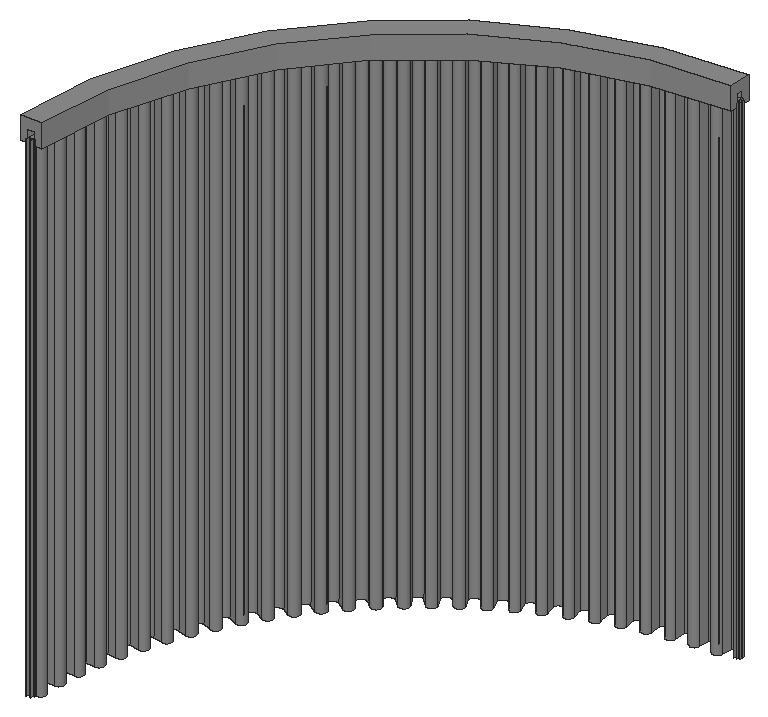
Revit family "Haworth_Pergola_Drapery_Radial", category Furniture Systems, Revit 2018 (continued)
Automatic sketch dimensions
  Sweep 4 sketch curve to Sweep 4 sketch curve = 0.02054"  (x2)
  Sweep 4 sketch curve to Sweep 4 sketch curve = 1.56125"
  profile plane to Sweep 4 sketch curve = 39.74446"
  Sweep 4 sketch curve to Sweep 4 sketch curve = 0.60607"
  Sweep 4 sketch curve to Sweep 4 sketch curve = 0.41943"
  profile plane to Sweep 4 sketch curve = 43.87069"
  Sweep 4 sketch curve to Sweep 4 sketch curve = 0.47887"
  Sweep 4 sketch curve to Sweep 4 sketch curve = 0.01623"  (x2)
  Sweep 4 sketch curve to Sweep 4 sketch curve = 0.58553"
  Sweep 4 sketch curve to Sweep 4 sketch curve = 1.33047"
  Sweep 4 sketch curve to Sweep 4 sketch curve = 0.02183"  (x2)
  Sweep 4 sketch curve to Sweep 4 sketch curve = 1.5123"
  Sweep 4 sketch curve to Sweep 4 sketch curve = 0.46264"
  Sweep 4 sketch curve to Sweep 4 sketch curve = 0.6439"
  Sweep 4 sketch curve to Sweep 4 sketch curve = 0.5221"
  Sweep 4 sketch curve to Sweep 4 sketch curve = 0.0177"  (x2)
  Sweep 4 sketch curve to Sweep 4 sketch curve = 0.62207"
  profile plane to Sweep 4 sketch curve = 44.39883"
  Sweep 4 sketch curve to Sweep 4 sketch curve = 1.42415"
  Sweep 4 sketch curve to Sweep 4 sketch curve = 1.45861"
  Sweep 4 sketch curve to Sweep 4 sketch curve = 0.02304"  (x2)
  Sweep 4 sketch curve to Sweep 4 sketch curve = 0.5044"
  Sweep 4 sketch curve to Sweep 4 sketch curve = 0.67973"
  Sweep 4 sketch curve to Sweep 4 sketch curve = 0.65668"
  Sweep 4 sketch curve to Sweep 4 sketch curve = 0.5637"
  Sweep 4 sketch curve to Sweep 4 sketch curve = 0.01911"  (x2)
  Sweep 4 sketch curve to Sweep 4 sketch curve = 1.40038"
  Sweep 4 sketch curve to Sweep 4 sketch curve = 1.51336"
  Sweep 4 sketch curve to Sweep 4 sketch curve = 0.02418"  (x2)
  Sweep 4 sketch curve to Sweep 4 sketch curve = 0.54459"
  Sweep 4 sketch curve to Sweep 4 sketch curve = 0.71343"
  Sweep 4 sketch curve to Sweep 4 sketch curve = 0.68924"
  Sweep 4 sketch curve to Sweep 4 sketch curve = 0.60354"
  Sweep 4 sketch curve to Sweep 4 sketch curve = 0.02046"  (x2)
  Sweep 4 sketch curve to Sweep 4 sketch curve = 1.33779"
  Sweep 4 sketch curve to Sweep 4 sketch curve = 1.59788"
  Sweep 4 sketch curve to Sweep 4 sketch curve = 0.02525"  (x2)
  Sweep 4 sketch curve to Sweep 4 sketch curve = 0.58308"
  Sweep 4 sketch curve to Sweep 4 sketch curve = 0.74491"
  Sweep 4 sketch curve to Sweep 4 sketch curve = 0.71966"
  Sweep 4 sketch curve to Sweep 4 sketch curve = 0.64149"
  Sweep 4 sketch curve to Sweep 4 sketch curve = 0.02175"  (x2)
  Sweep 4 sketch curve to Sweep 4 sketch curve = 1.27102"
  Sweep 4 sketch curve to Sweep 4 sketch curve = 1.6774"
  Sweep 4 sketch curve to Sweep 4 sketch curve = 0.02624"  (x2)
  Sweep 4 sketch curve to Sweep 4 sketch curve = 0.61975"
  Sweep 4 sketch curve to Sweep 4 sketch curve = 0.77406"
  Sweep 4 sketch curve to Sweep 4 sketch curve = 0.74782"
  Sweep 4 sketch curve to Sweep 4 sketch curve = 0.67745"
  Sweep 4 sketch curve to Sweep 4 sketch curve = 0.02296"  (x2)
  Sweep 4 sketch curve to Sweep 4 sketch curve = 1.2003"
  Sweep 4 sketch curve to Sweep 4 sketch curve = 1.75169"
  Sweep 4 sketch curve to Sweep 4 sketch curve = 0.02715"  (x2)
  Sweep 4 sketch curve to Sweep 4 sketch curve = 0.65449"
  Sweep 4 sketch curve to Sweep 4 sketch curve = 0.8008"
  Sweep 4 sketch curve to Sweep 4 sketch curve = 0.77366"
  Sweep 4 sketch curve to Sweep 4 sketch curve = 0.7113"
  Sweep 4 sketch curve to Sweep 4 sketch curve = 0.02411"  (x2)
  Sweep 4 sketch curve to Sweep 4 sketch curve = 1.12584"
  Sweep 4 sketch curve to Sweep 4 sketch curve = 0.68719"
  Sweep 4 sketch curve to Sweep 4 sketch curve = 0.00752"
  Sweep 4 sketch curve to Sweep 4 sketch curve = 0.02797"  (x2)
  Sweep 4 sketch curve to Sweep 4 sketch curve = 0.79708"
  Sweep 4 sketch curve to Sweep 4 sketch curve = 0.82505"
  Sweep 4 sketch curve to Sweep 4 sketch curve = 0.74292"
  Sweep 4 sketch curve to Sweep 4 sketch curve = 0.02518"  (x2)
  Sweep 4 sketch curve to Sweep 4 sketch curve = 1.04785"
  Sweep 4 sketch curve to Sweep 4 sketch curve = 0.71774"
  Sweep 4 sketch curve to Sweep 4 sketch curve = 0.11811"
  Sweep 4 sketch curve to Sweep 4 sketch curve = 0.0287"  (x2)
  Sweep 4 sketch curve to Sweep 4 sketch curve = 0.81802"
  Sweep 4 sketch curve to Sweep 4 sketch curve = 0.84672"
  Sweep 4 sketch curve to Sweep 4 sketch curve = 0.77223"
  Sweep 4 sketch curve to Sweep 4 sketch curve = 0.02618"  (x2)
  Sweep 4 sketch curve to Sweep 4 sketch curve = 0.96661"
  Sweep 4 sketch curve to Sweep 4 sketch curve = 0.74606"
  Sweep 4 sketch curve to Sweep 4 sketch curve = 0.22832"
  Sweep 4 sketch curve to Sweep 4 sketch curve = 0.02935"  (x2)
  Sweep 4 sketch curve to Sweep 4 sketch curve = 0.8364"
  Sweep 4 sketch curve to Sweep 4 sketch curve = 0.86575"
  Sweep 4 sketch curve to Sweep 4 sketch curve = 0.79914"
  Sweep 4 sketch curve to Sweep 4 sketch curve = 0.02709"  (x2)
  Sweep 4 sketch curve to Sweep 4 sketch curve = 0.88234"
  Sweep 4 sketch curve to Sweep 4 sketch curve = 0.77205"
  Sweep 4 sketch curve to Sweep 4 sketch curve = 0.33783"
  Sweep 4 sketch curve to Sweep 4 sketch curve = 0.0299"  (x2)
  Sweep 4 sketch curve to Sweep 4 sketch curve = 0.85218"
  Sweep 4 sketch curve to Sweep 4 sketch curve = 0.88208"
  Sweep 4 sketch curve to Sweep 4 sketch curve = 0.82355"
  Sweep 4 sketch curve to Sweep 4 sketch curve = 0.02792"  (x2)
  Sweep 4 sketch curve to Sweep 4 sketch curve = 0.79532"
  Sweep 4 sketch curve to Sweep 4 sketch curve = 0.79563"
  Sweep 4 sketch curve to Sweep 4 sketch curve = 0.44473"
  Sweep 4 sketch curve to Sweep 4 sketch curve = 0.03036"  (x2)
  Sweep 4 sketch curve to Sweep 4 sketch curve = 0.8653"
  Sweep 4 sketch curve to Sweep 4 sketch curve = 0.89512"
  Sweep 4 sketch curve to Sweep 4 sketch curve = 0.84487"
  Sweep 4 sketch curve to Sweep 4 sketch curve = 0.02866"  (x2)
  Sweep 4 sketch curve to Sweep 4 sketch curve = 0.71396"
  Sweep 4 sketch curve to Sweep 4 sketch curve = 0.81528"
  Sweep 4 sketch curve to Sweep 4 sketch curve = 0.54728"
  Sweep 4 sketch curve to Sweep 4 sketch curve = 0.03073"  (x2)
  Sweep 4 sketch curve to Sweep 4 sketch curve = 0.87417"
  Sweep 4 sketch curve to Sweep 4 sketch curve = 0.90554"
  Sweep 4 sketch curve to Sweep 4 sketch curve = 0.86372"
  Sweep 4 sketch curve to Sweep 4 sketch curve = 0.02931"  (x2)
  Sweep 4 sketch curve to Sweep 4 sketch curve = 0.61955"
  Sweep 4 sketch curve to Sweep 4 sketch curve = 0.83477"
  Sweep 4 sketch curve to Sweep 4 sketch curve = 0.65728"
  Sweep 4 sketch curve to Sweep 4 sketch curve = 0.031"  (x2)
  Sweep 4 sketch curve to Sweep 4 sketch curve = 0.88287"
  Sweep 4 sketch curve to Sweep 4 sketch curve = 0.91426"
  Sweep 4 sketch curve to Sweep 4 sketch curve = 0.88095"
  Sweep 4 sketch curve to Sweep 4 sketch curve = 0.02987"  (x2)
  Sweep 4 sketch curve to Sweep 4 sketch curve = 0.52323"
  Sweep 4 sketch curve to Sweep 4 sketch curve = 0.85042"
  Sweep 4 sketch curve to Sweep 4 sketch curve = 0.75979"
  Sweep 4 sketch curve to Sweep 4 sketch curve = 0.03117"  (x2)
  Sweep 4 sketch curve to Sweep 4 sketch curve = 0.88751"
  Sweep 4 sketch curve to Sweep 4 sketch curve = 0.91858"
  Sweep 4 sketch curve to Sweep 4 sketch curve = 0.89395"
  Sweep 4 sketch curve to Sweep 4 sketch curve = 0.03033"  (x2)
  Sweep 4 sketch curve to Sweep 4 sketch curve = 0.42954"
  Sweep 4 sketch curve to Sweep 4 sketch curve = 0.86379"
  Sweep 4 sketch curve to Sweep 4 sketch curve = 0.86189"
  Sweep 4 sketch curve to Sweep 4 sketch curve = 0.88975"
  Sweep 4 sketch curve to Sweep 4 sketch curve = 1/32"  (x3)
  Sweep 4 sketch curve to Sweep 4 sketch curve = 0.92124"
  Sweep 4 sketch curve to Sweep 4 sketch curve = 0.90532"
  Sweep 4 sketch curve to Sweep 4 sketch curve = 0.03071"  (x2)
  Sweep 4 sketch curve to Sweep 4 sketch curve = 0.33093"
  Sweep 4 sketch curve to Sweep 4 sketch curve = 0.87448"
  Sweep 4 sketch curve to Sweep 4 sketch curve = 0.88924"
  Sweep 4 sketch curve to Sweep 4 sketch curve = 0.03122"  (x2)
  Sweep 4 sketch curve to Sweep 4 sketch curve = 0.07191"
  Sweep 4 sketch curve to Sweep 4 sketch curve = 0.92003"
  Sweep 4 sketch curve to Sweep 4 sketch curve = 0.91288"
  Sweep 4 sketch curve to Sweep 4 sketch curve = 0.03098"  (x2)
  Sweep 4 sketch curve to Sweep 4 sketch curve = 0.23342"
  Sweep 4 sketch curve to Sweep 4 sketch curve = 0.88244"
  Sweep 4 sketch curve to plane 1 "Center F/B" = 0.37767"
  Sweep 4 sketch curve to Sweep 4 sketch curve = 1.21379"
  Sweep 4 sketch curve to Sweep 4 sketch curve = 0.02236"  (x2)
  Sweep 4 sketch curve to Sweep 4 sketch curve = 1.65336"
  Sweep 4 sketch curve to Sweep 4 sketch curve = 0.02576"
  Sweep 4 sketch curve to Sweep 4 sketch curve = 0.65973"
  Sweep 4 sketch curve to Sweep 4 sketch curve = 0.73403"
  Sweep 4 sketch curve to Sweep 4 sketch curve = 1.30491"
  Sweep 4 sketch curve to Sweep 4 sketch curve = 0.02111"
  Sweep 4 sketch curve to Sweep 4 sketch curve = 1.57495"
  Sweep 4 sketch curve to Sweep 4 sketch curve = 0.02473"
  Sweep 4 sketch curve to Sweep 4 sketch curve = 0.62276"
  Sweep 4 sketch curve to Sweep 4 sketch curve = 0.70472"
  Sweep 4 sketch curve to Sweep 4 sketch curve = 1.36962"
  Sweep 4 sketch curve to Sweep 4 sketch curve = 0.01979"
  Sweep 4 sketch curve to Sweep 4 sketch curve = 1.49166"
  Sweep 4 sketch curve to Sweep 4 sketch curve = 0.02362"
  Sweep 4 sketch curve to Sweep 4 sketch curve = 0.58384"
  Sweep 4 sketch curve to Sweep 4 sketch curve = 0.67323"
  Sweep 4 sketch curve to Sweep 4 sketch curve = 1.40372"
  Sweep 4 sketch curve to Sweep 4 sketch curve = 1.43006"
  Sweep 4 sketch curve to Sweep 4 sketch curve = 0.02244"
  Sweep 4 sketch curve to Sweep 4 sketch curve = 0.01841"
  Sweep 4 sketch curve to Sweep 4 sketch curve = 0.54311"
  Sweep 4 sketch curve to Sweep 4 sketch curve = 0.63963"
  Sweep 4 sketch curve to Sweep 4 sketch curve = 1.31138"
  Sweep 4 sketch curve to Sweep 4 sketch curve = 0.02119"
  Sweep 4 sketch curve to Sweep 4 sketch curve = 1.48603"
  Sweep 4 sketch curve to Sweep 4 sketch curve = 0.01697"
  Sweep 4 sketch curve to Sweep 4 sketch curve = 0.60404"
  Sweep 4 sketch curve to Sweep 4 sketch curve = 0.50068"
  Sweep 4 sketch curve to Sweep 4 sketch curve = 1.21497"
  Sweep 4 sketch curve to Sweep 4 sketch curve = 0.01988"
  Sweep 4 sketch curve to Sweep 4 sketch curve = 1.53738"
  Sweep 4 sketch curve to Sweep 4 sketch curve = 0.01548"
  Sweep 4 sketch curve to Sweep 4 sketch curve = 0.56656"
  Sweep 4 sketch curve to Sweep 4 sketch curve = 0.45669"
  Sweep 4 sketch curve to Sweep 4 sketch curve = 1.11476"
  Sweep 4 sketch curve to Sweep 4 sketch curve = 0.0185"
  Sweep 4 sketch curve to Sweep 4 sketch curve = 1.58391"
  Sweep 4 sketch curve to Sweep 4 sketch curve = 0.01394"
  Sweep 4 sketch curve to Sweep 4 sketch curve = 0.52732"
  Sweep 4 sketch curve to Sweep 4 sketch curve = 0.41128"
  Sweep 4 sketch curve to Sweep 4 sketch curve = 1.01106"
  Sweep 4 sketch curve to Sweep 4 sketch curve = 0.01707"
  Sweep 4 sketch curve to Sweep 4 sketch curve = 0.48643"
  Sweep 4 sketch curve to Sweep 4 sketch curve = 1.62551"
  Sweep 4 sketch curve to Sweep 4 sketch curve = 0.01236"
  Sweep 4 sketch curve to Sweep 4 sketch curve = 0.36458"
  Sweep 4 sketch curve to Sweep 4 sketch curve = 0.90425"
  Sweep 4 sketch curve to Sweep 4 sketch curve = 0.01558"
  Sweep 4 sketch curve to Sweep 4 sketch curve = 0.44402"
  Sweep 4 sketch curve to Sweep 4 sketch curve = 1.66207"
  Sweep 4 sketch curve to Sweep 4 sketch curve = 0.01074"
  Sweep 4 sketch curve to Sweep 4 sketch curve = 0.31675"
  Sweep 4 sketch curve to Sweep 4 sketch curve = 0.79458"
  Sweep 4 sketch curve to Sweep 4 sketch curve = 0.01404"
  Sweep 4 sketch curve to Sweep 4 sketch curve = 0.40023"
  Sweep 4 sketch curve to Sweep 4 sketch curve = 1.6934"
  Sweep 4 sketch curve to Sweep 4 sketch curve = 0.00908"
  Sweep 4 sketch curve to Sweep 4 sketch curve = 0.26792"
  Sweep 4 sketch curve to Sweep 4 sketch curve = 0.66972"
  Sweep 4 sketch curve to Sweep 4 sketch curve = 0.01246"
  Sweep 4 sketch curve to Sweep 4 sketch curve = 0.35457"
  Sweep 4 sketch curve to Sweep 4 sketch curve = 1.7258"
  Sweep 4 sketch curve to Sweep 4 sketch curve = 0.0074"
  Sweep 4 sketch curve to Sweep 4 sketch curve = 0.57731"
  Sweep 4 sketch curve to Sweep 4 sketch curve = 0.01084"
  Sweep 4 sketch curve to Sweep 4 sketch curve = 0.21814"
  Sweep 4 sketch curve to Sweep 4 sketch curve = 0.30886"
  Sweep 4 sketch curve to Sweep 4 sketch curve = 0.44984"
  Sweep 4 sketch curve to Sweep 4 sketch curve = 0.00919"
  Sweep 4 sketch curve to Sweep 4 sketch curve = 0.2617"
  Sweep 4 sketch curve to Sweep 4 sketch curve = 1.76445"
  Sweep 4 sketch curve to Sweep 4 sketch curve = 0.00569"
  Sweep 4 sketch curve to Sweep 4 sketch curve = 0.16776"
  Sweep 4 sketch curve to Sweep 4 sketch curve = 0.33562"
  Sweep 4 sketch curve to Sweep 4 sketch curve = 0.00751"
  Sweep 4 sketch curve to Sweep 4 sketch curve = 0.21384"
  Sweep 4 sketch curve to Sweep 4 sketch curve = 0.21722"
  Sweep 4 sketch curve to Sweep 4 sketch curve = 0.0058"
  Sweep 4 sketch curve to Sweep 4 sketch curve = 0.12826"
  Sweep 4 sketch curve to Sweep 4 sketch curve = 1.76204"
  Sweep 4 sketch curve to Sweep 4 sketch curve = 0.00397"
  Sweep 4 sketch curve to Sweep 4 sketch curve = 0.09827"
  Sweep 4 sketch curve to Sweep 4 sketch curve = 0.11705"
  Sweep 4 sketch curve to Sweep 4 sketch curve = 1.78366"
  Sweep 4 sketch curve to Sweep 4 sketch curve = 0.00223"
  Sweep 4 sketch curve to Sweep 4 sketch curve = 0.06577"
  Sweep 4 sketch curve to Sweep 4 sketch curve = 1.78236"
  Sweep 4 sketch curve to Sweep 4 sketch curve = 0.00049"
  Sweep 4 sketch curve to Sweep 4 sketch curve = 0.0144"
  Sweep 4 sketch curve to Sweep 4 sketch curve = 1.65174"
  Sweep 4 sketch curve to Sweep 4 sketch curve = 0.03702"
  Sweep 4 sketch curve to Sweep 4 sketch curve = 0.00126"
  Sweep 4 sketch curve to Sweep 4 sketch curve = 1.59992"
  Sweep 4 sketch curve to Sweep 4 sketch curve = 0.0267"
  Sweep 4 sketch curve to Sweep 4 sketch curve = 0.63737"
  Sweep 4 sketch curve to Sweep 4 sketch curve = 1.16352"
  Sweep 4 sketch curve to Sweep 4 sketch curve = 0.02355"
  Sweep 4 sketch curve to Sweep 4 sketch curve = 0.02757"
  Sweep 4 sketch curve to Sweep 4 sketch curve = 1.08727"
  Sweep 4 sketch curve to Sweep 4 sketch curve = 0.02466"
  Sweep 4 sketch curve to Sweep 4 sketch curve = 0.74502"
  Sweep 4 sketch curve to Sweep 4 sketch curve = 0.02835"
  Sweep 4 sketch curve to Sweep 4 sketch curve = 1.00762"
  Sweep 4 sketch curve to Sweep 4 sketch curve = 0.02569"
  Sweep 4 sketch curve to Sweep 4 sketch curve = 0.02904"
  Masking region 1 sketch curve to Masking region 1 sketch curve = 0"  (x2)
  plane 1 "Center F/B" to Masking region 1 sketch curve = 0"
  Masking region 1 sketch curve to plane 39 = 0"
  Masking region 1 sketch curve to plane 3 "Center L/R" = 0"
  plane 6 "End Left Slat" to Masking region 1 sketch curve = 1.01577"
  Sweep 5 sketch curve to plane 3 "Center L/R" = 0"
  Sweep 5 sketch curve to plane 5 "Base Top" = 0"
  Sweep 5 sketch curve to plane 4 "Top" = 1/2"
  Sweep 5 sketch curve to Sweep 5 sketch curve = 0"  (x84)
  Sweep 5 sketch curve to Sweep 5 sketch curve = 0.02418"
  Sweep 5 sketch curve to Sweep 5 sketch curve = 0.71343"
  Sweep 5 sketch curve to Sweep 5 sketch curve = 0.60354"
  Sweep 5 sketch curve to Sweep 5 sketch curve = 0.02046"  (x2)
  Sweep 5 sketch curve to Sweep 5 sketch curve = 1.33779"
  Sweep 5 sketch curve to Sweep 5 sketch curve = 1.59788"
  Sweep 5 sketch curve to Sweep 5 sketch curve = 0.02525"  (x2)
  Sweep 5 sketch curve to Sweep 5 sketch curve = 0.58308"
  Sweep 5 sketch curve to Sweep 5 sketch curve = 0.74491"
  Sweep 5 sketch curve to Sweep 5 sketch curve = 0.71966"
  Sweep 5 sketch curve to Sweep 5 sketch curve = 0.64149"
  Sweep 5 sketch curve to Sweep 5 sketch curve = 0.02175"  (x2)
  Sweep 5 sketch curve to Sweep 5 sketch curve = 1.27102"
  Sweep 5 sketch curve to Sweep 5 sketch curve = 1.6774"
  Sweep 5 sketch curve to Sweep 5 sketch curve = 0.02624"  (x2)
  Sweep 5 sketch curve to Sweep 5 sketch curve = 0.61975"
  Sweep 5 sketch curve to Sweep 5 sketch curve = 0.77406"
  Sweep 5 sketch curve to Sweep 5 sketch curve = 0.74782"
  Sweep 5 sketch curve to Sweep 5 sketch curve = 0.67745"
  Sweep 5 sketch curve to Sweep 5 sketch curve = 0.02296"  (x2)
  Sweep 5 sketch curve to Sweep 5 sketch curve = 1.2003"
  Sweep 5 sketch curve to Sweep 5 sketch curve = 1.75169"
  Sweep 5 sketch curve to Sweep 5 sketch curve = 0.02715"  (x2)
  Sweep 5 sketch curve to Sweep 5 sketch curve = 0.65449"
  Sweep 5 sketch curve to Sweep 5 sketch curve = 0.8008"
  Sweep 5 sketch curve to Sweep 5 sketch curve = 0.77366"
  Sweep 5 sketch curve to Sweep 5 sketch curve = 0.7113"
  Sweep 5 sketch curve to Sweep 5 sketch curve = 0.02411"  (x2)
  Sweep 5 sketch curve to Sweep 5 sketch curve = 1.12584"
  Sweep 5 sketch curve to Sweep 5 sketch curve = 0.68719"
  Sweep 5 sketch curve to Sweep 5 sketch curve = 0.00752"
  Sweep 5 sketch curve to Sweep 5 sketch curve = 0.02797"  (x2)
  Sweep 5 sketch curve to Sweep 5 sketch curve = 0.79708"
  Sweep 5 sketch curve to Sweep 5 sketch curve = 0.82505"
  Sweep 5 sketch curve to Sweep 5 sketch curve = 0.74292"
  Sweep 5 sketch curve to Sweep 5 sketch curve = 0.02518"  (x2)
  Sweep 5 sketch curve to Sweep 5 sketch curve = 1.04785"
  Sweep 5 sketch curve to Sweep 5 sketch curve = 0.71774"
  Sweep 5 sketch curve to Sweep 5 sketch curve = 0.11811"
  Sweep 5 sketch curve to Sweep 5 sketch curve = 0.0287"  (x2)
  Sweep 5 sketch curve to Sweep 5 sketch curve = 0.81802"
  Sweep 5 sketch curve to Sweep 5 sketch curve = 0.84672"
  Sweep 5 sketch curve to Sweep 5 sketch curve = 0.77223"
  Sweep 5 sketch curve to Sweep 5 sketch curve = 0.02618"  (x2)
  Sweep 5 sketch curve to Sweep 5 sketch curve = 0.96661"
  Sweep 5 sketch curve to Sweep 5 sketch curve = 0.74606"
  Sweep 5 sketch curve to Sweep 5 sketch curve = 0.22832"
  Sweep 5 sketch curve to Sweep 5 sketch curve = 0.02935"  (x2)
  Sweep 5 sketch curve to Sweep 5 sketch curve = 0.8364"
  Sweep 5 sketch curve to Sweep 5 sketch curve = 0.86575"
  Sweep 5 sketch curve to Sweep 5 sketch curve = 0.79914"
  Sweep 5 sketch curve to Sweep 5 sketch curve = 0.02709"  (x2)
  Sweep 5 sketch curve to Sweep 5 sketch curve = 0.88234"
  Sweep 5 sketch curve to Sweep 5 sketch curve = 0.77205"
  Sweep 5 sketch curve to Sweep 5 sketch curve = 0.33783"
  Sweep 5 sketch curve to Sweep 5 sketch curve = 0.0299"  (x2)
  Sweep 5 sketch curve to Sweep 5 sketch curve = 0.85218"
  Sweep 5 sketch curve to Sweep 5 sketch curve = 0.88208"
  Sweep 5 sketch curve to Sweep 5 sketch curve = 0.82355"
  Sweep 5 sketch curve to Sweep 5 sketch curve = 0.02792"  (x2)
  Sweep 5 sketch curve to Sweep 5 sketch curve = 0.79532"
  Sweep 5 sketch curve to Sweep 5 sketch curve = 0.79563"
  Sweep 5 sketch curve to Sweep 5 sketch curve = 0.44473"
  Sweep 5 sketch curve to Sweep 5 sketch curve = 0.03036"  (x2)
  Sweep 5 sketch curve to Sweep 5 sketch curve = 0.8653"
  Sweep 5 sketch curve to Sweep 5 sketch curve = 0.89512"
  Sweep 5 sketch curve to Sweep 5 sketch curve = 0.84487"
  Sweep 5 sketch curve to Sweep 5 sketch curve = 0.02866"  (x2)
  Sweep 5 sketch curve to Sweep 5 sketch curve = 0.71396"
  Sweep 5 sketch curve to Sweep 5 sketch curve = 0.81528"
  Sweep 5 sketch curve to Sweep 5 sketch curve = 0.54728"
  Sweep 5 sketch curve to Sweep 5 sketch curve = 0.03073"  (x2)
  Sweep 5 sketch curve to Sweep 5 sketch curve = 0.87417"
  Sweep 5 sketch curve to Sweep 5 sketch curve = 0.90554"
  Sweep 5 sketch curve to Sweep 5 sketch curve = 0.86372"
  Sweep 5 sketch curve to Sweep 5 sketch curve = 0.02931"  (x2)
  Sweep 5 sketch curve to Sweep 5 sketch curve = 0.61955"
  Sweep 5 sketch curve to Sweep 5 sketch curve = 0.83477"
  Sweep 5 sketch curve to Sweep 5 sketch curve = 0.65728"
  Sweep 5 sketch curve to Sweep 5 sketch curve = 0.031"  (x2)
  Sweep 5 sketch curve to Sweep 5 sketch curve = 0.88287"
  Sweep 5 sketch curve to Sweep 5 sketch curve = 0.91426"
  Sweep 5 sketch curve to Sweep 5 sketch curve = 0.88095"
  Sweep 5 sketch curve to Sweep 5 sketch curve = 0.02987"  (x2)
  Sweep 5 sketch curve to Sweep 5 sketch curve = 0.52323"
  Sweep 5 sketch curve to Sweep 5 sketch curve = 0.85042"
  Sweep 5 sketch curve to Sweep 5 sketch curve = 0.75979"
  Sweep 5 sketch curve to Sweep 5 sketch curve = 0.03117"  (x2)
  Sweep 5 sketch curve to Sweep 5 sketch curve = 0.88751"
  Sweep 5 sketch curve to Sweep 5 sketch curve = 0.91858"
  Sweep 5 sketch curve to Sweep 5 sketch curve = 0.89395"
  Sweep 5 sketch curve to Sweep 5 sketch curve = 0.03033"  (x2)
  Sweep 5 sketch curve to Sweep 5 sketch curve = 0.42954"
  Sweep 5 sketch curve to Sweep 5 sketch curve = 0.86379"
  Sweep 5 sketch curve to Sweep 5 sketch curve = 0.86189"
  Sweep 5 sketch curve to Sweep 5 sketch curve = 0.88975"
  Sweep 5 sketch curve to Sweep 5 sketch curve = 1/32"  (x3)
  Sweep 5 sketch curve to Sweep 5 sketch curve = 0.92124"
  Sweep 5 sketch curve to Sweep 5 sketch curve = 0.90532"
  Sweep 5 sketch curve to Sweep 5 sketch curve = 0.03071"  (x2)
  Sweep 5 sketch curve to Sweep 5 sketch curve = 0.33093"
  Sweep 5 sketch curve to Sweep 5 sketch curve = 0.87448"
  Sweep 5 sketch curve to Sweep 5 sketch curve = 0.88924"
  Sweep 5 sketch curve to Sweep 5 sketch curve = 0.03122"  (x2)
  Sweep 5 sketch curve to Sweep 5 sketch curve = 0.07191"
  Sweep 5 sketch curve to Sweep 5 sketch curve = 0.92003"
  Sweep 5 sketch curve to Sweep 5 sketch curve = 0.91288"
  Sweep 5 sketch curve to Sweep 5 sketch curve = 0.03098"  (x2)
  Sweep 5 sketch curve to Sweep 5 sketch curve = 0.23342"
  Sweep 5 sketch curve to Sweep 5 sketch curve = 0.88244"
  Sweep 5 sketch curve to profile plane = 0.37767"
  Sweep 5 sketch curve to Sweep 5 sketch curve = 0.01979"
  Sweep 5 sketch curve to Sweep 5 sketch curve = 0.12204"
  Sweep 5 sketch curve to Sweep 5 sketch curve = 0.02362"
  Sweep 5 sketch curve to Sweep 5 sketch curve = 0.58384"
  Sweep 5 sketch curve to Sweep 5 sketch curve = 0.67323"
  Sweep 5 sketch curve to Sweep 5 sketch curve = 1.40372"
  Sweep 5 sketch curve to Sweep 5 sketch curve = 1.43006"
  Sweep 5 sketch curve to Sweep 5 sketch curve = 0.02244"
  Sweep 5 sketch curve to Sweep 5 sketch curve = 0.01841"
  Sweep 5 sketch curve to Sweep 5 sketch curve = 0.54311"
  Sweep 5 sketch curve to Sweep 5 sketch curve = 0.63963"
  Sweep 5 sketch curve to Sweep 5 sketch curve = 1.31138"
  Sweep 5 sketch curve to Sweep 5 sketch curve = 0.02119"
  Sweep 5 sketch curve to Sweep 5 sketch curve = 1.48603"
  Sweep 5 sketch curve to Sweep 5 sketch curve = 0.01697"
  Sweep 5 sketch curve to Sweep 5 sketch curve = 0.60404"
  Sweep 5 sketch curve to Sweep 5 sketch curve = 0.50068"
  Sweep 5 sketch curve to Sweep 5 sketch curve = 1.21497"
  Sweep 5 sketch curve to Sweep 5 sketch curve = 0.01988"
  Sweep 5 sketch curve to Sweep 5 sketch curve = 1.53738"
  Sweep 5 sketch curve to Sweep 5 sketch curve = 0.01548"
  Sweep 5 sketch curve to Sweep 5 sketch curve = 0.56656"
  Sweep 5 sketch curve to Sweep 5 sketch curve = 0.45669"
  Sweep 5 sketch curve to Sweep 5 sketch curve = 1.11476"
  Sweep 5 sketch curve to Sweep 5 sketch curve = 0.0185"
  Sweep 5 sketch curve to Sweep 5 sketch curve = 1.58391"
  Sweep 5 sketch curve to Sweep 5 sketch curve = 0.01394"
  Sweep 5 sketch curve to Sweep 5 sketch curve = 0.52732"
  Sweep 5 sketch curve to Sweep 5 sketch curve = 0.41128"
  Sweep 5 sketch curve to Sweep 5 sketch curve = 1.01106"
  Sweep 5 sketch curve to Sweep 5 sketch curve = 0.01707"
  Sweep 5 sketch curve to Sweep 5 sketch curve = 0.48643"
  Sweep 5 sketch curve to Sweep 5 sketch curve = 1.62551"
  Sweep 5 sketch curve to Sweep 5 sketch curve = 0.01236"
  Sweep 5 sketch curve to Sweep 5 sketch curve = 0.36458"
  Sweep 5 sketch curve to Sweep 5 sketch curve = 0.90425"
  Sweep 5 sketch curve to Sweep 5 sketch curve = 0.01558"
  Sweep 5 sketch curve to Sweep 5 sketch curve = 0.44402"
  Sweep 5 sketch curve to Sweep 5 sketch curve = 1.66207"
  Sweep 5 sketch curve to Sweep 5 sketch curve = 0.01074"
  Sweep 5 sketch curve to Sweep 5 sketch curve = 0.31675"
  Sweep 5 sketch curve to Sweep 5 sketch curve = 0.79458"
  Sweep 5 sketch curve to Sweep 5 sketch curve = 0.01404"
  Sweep 5 sketch curve to Sweep 5 sketch curve = 0.40023"
  Sweep 5 sketch curve to Sweep 5 sketch curve = 1.6934"
  Sweep 5 sketch curve to Sweep 5 sketch curve = 0.00908"
  Sweep 5 sketch curve to Sweep 5 sketch curve = 0.26792"
  Sweep 5 sketch curve to Sweep 5 sketch curve = 0.66972"
  Sweep 5 sketch curve to Sweep 5 sketch curve = 0.01246"
  Sweep 5 sketch curve to Sweep 5 sketch curve = 0.35457"
  Sweep 5 sketch curve to Sweep 5 sketch curve = 1.7258"
  Sweep 5 sketch curve to Sweep 5 sketch curve = 0.0074"
  Sweep 5 sketch curve to Sweep 5 sketch curve = 0.57731"
  Sweep 5 sketch curve to Sweep 5 sketch curve = 0.01084"
  Sweep 5 sketch curve to Sweep 5 sketch curve = 0.21814"
  Sweep 5 sketch curve to Sweep 5 sketch curve = 0.30886"
  Sweep 5 sketch curve to Sweep 5 sketch curve = 0.44984"
  Sweep 5 sketch curve to Sweep 5 sketch curve = 0.00919"
  Sweep 5 sketch curve to Sweep 5 sketch curve = 0.2617"
  Sweep 5 sketch curve to Sweep 5 sketch curve = 1.76445"
  Sweep 5 sketch curve to Sweep 5 sketch curve = 0.00569"
  Sweep 5 sketch curve to Sweep 5 sketch curve = 0.16776"
  Sweep 5 sketch curve to Sweep 5 sketch curve = 0.33562"
  Sweep 5 sketch curve to Sweep 5 sketch curve = 0.00751"
  Sweep 5 sketch curve to Sweep 5 sketch curve = 0.21384"
  Sweep 5 sketch curve to Sweep 5 sketch curve = 0.21722"
  Sweep 5 sketch curve to Sweep 5 sketch curve = 0.0058"
  Sweep 5 sketch curve to Sweep 5 sketch curve = 0.12826"
  Sweep 5 sketch curve to Sweep 5 sketch curve = 1.76204"
  Sweep 5 sketch curve to Sweep 5 sketch curve = 0.00397"
  Sweep 5 sketch curve to Sweep 5 sketch curve = 0.09827"
  Sweep 5 sketch curve to Sweep 5 sketch curve = 0.11705"
  Sweep 5 sketch curve to Sweep 5 sketch curve = 1.78366"
  Sweep 5 sketch curve to Sweep 5 sketch curve = 0.00223"
  Sweep 5 sketch curve to Sweep 5 sketch curve = 0.06577"
  Sweep 5 sketch curve to Sweep 5 sketch curve = 1.78236"
  Sweep 5 sketch curve to Sweep 5 sketch curve = 0.00049"
  Sweep 5 sketch curve to Sweep 5 sketch curve = 0.0144"
  Sweep 5 sketch curve to Sweep 5 sketch curve = 1.65174"
  Sweep 5 sketch curve to Sweep 5 sketch curve = 0.03702"
  Sweep 5 sketch curve to Sweep 5 sketch curve = 0.00126"
  Sweep 5 sketch curve to Sweep 5 sketch curve = 1.59992"
  Sweep 5 sketch curve to Sweep 5 sketch curve = 0.02221"  (x2)
  Sweep 5 sketch curve to Sweep 5 sketch curve = 1.12085"
  Sweep 5 sketch curve to Sweep 5 sketch curve = 1.34741"
  Sweep 5 sketch curve to Sweep 5 sketch curve = 0.89006"
  profile plane to Sweep 5 sketch curve = 72.94432"
  curve 3 to plane 33 = 0.94378"
  curve 5 to plane 33 = 0.86054"
  curve 4 to plane 33 = 0.82352"
  curve 7 to plane 33 = 0.69011"
  curve 8 to plane 33 = 0.51898"
  curve 9 to plane 33 = 0.50458"
  curve 11 to plane 33 = 0.22159"
  curve 12 to plane 33 = 0.00029"
  plane 33 to curve 13 = 0.06549"
  plane 33 to curve 15 = 0.48547"
  plane 33 to curve 2 = 0.7079"
  plane 33 to curve 16 = 0.75656"
  plane 33 to curve 3 = 0.82822"
  plane 33 to curve 17 = 0.87361"
  plane 33 to curve 6 = 0.88945"
  curve 6 to curve 5 = 0.03704"
  curve 6 to curve 7 = 0.17111"
  plane 33 to curve 9 = 1.27778"
  curve 9 to curve 10 = 0.0144"
  plane 33 to curve 19 = 1.39788"
  curve 10 to curve 11 = 0.22134"
  curve 19 to curve 20 = 0.31958"
  plane 6 "End Left Slat" to curve 13 = 1.14732"
  curve 20 to curve 21 = 0.16776"
  curve 13 to curve 14 = 0.06578"
  plane 6 "End Left Slat" to curve 15 = 0.81065"
  plane 6 "End Left Slat" to curve 23 = 0.45378"
  plane 6 "End Left Slat" to curve 17 = 0.36081"
  plane 6 "End Left Slat" to curve 18 = 0.24381"
  plane 6 "End Left Slat" to curve 24 = 0.08634"
  curve 19 to plane 6 "End Left Slat" = 0.07589"
  curve 25 to plane 6 "End Left Slat" = 0.13179"
  curve 21 to plane 6 "End Left Slat" = 0.6532"
  curve 22 to plane 6 "End Left Slat" = 0.82084"
  curve 27 to plane 6 "End Left Slat" = 0.90912"
  curve 22 to curve 23 = 0.36703"
  curve 27 to curve 28 = 0.41428"
  curve 28 to curve 29 = 0.26792"
  curve 25 to curve 25 = 1.7258"
  curve 25 to curve 26 = 0.21827"
  curve 29 to curve 31 = 0.88676"
  curve 26 to curve 27 = 0.41428"
  curve 31 to curve 32 = 0.4596"
  curve 32 to curve 33 = 0.31675"
  curve 29 to curve 29 = 1.6934"
  curve 29 to curve 30 = 0.26792"
  curve 30 to curve 31 = 0.4596"
  curve 33 to curve 35 = 0.99979"
  curve 35 to curve 36 = 0.5035"
  curve 33 to curve 33 = 1.66207"
  curve 36 to curve 37 = 0.36458"
  curve 33 to curve 34 = 0.31675"
  curve 34 to curve 35 = 0.5035"
  curve 37 to curve 39 = 1.10967"
  curve 37 to curve 37 = 1.62551"
  curve 39 to curve 40 = 0.54582"
  curve 37 to curve 38 = 0.36458"
  curve 40 to curve 41 = 0.41128"
  curve 38 to curve 39 = 0.54582"
  curve 41 to curve 43 = 1.21608"
  curve 41 to curve 41 = 1.58391"
  curve 43 to curve 44 = 0.58644"
  curve 41 to curve 42 = 0.41128"
  curve 44 to curve 45 = 0.45669"
  curve 42 to curve 43 = 0.58644"
  curve 47 to plane 36 = 4.10277"
  curve 45 to curve 47 = 1.31874"
  curve 45 to curve 45 = 1.53738"
  curve 47 to curve 48 = 0.62523"
  curve 45 to curve 46 = 0.45669"
  curve 49 to plane 36 = 2.65125"
  curve 48 to curve 49 = 0.50068"
  curve 46 to curve 47 = 0.62523"
  curve 51 to plane 36 = 0.92587"
  curve 49 to curve 51 = 1.41726"
  curve 49 to plane 36 = 3.61245"
  curve 49 to curve 49 = 1.48603"
  curve 49 to curve 50 = 0.50068"
  curve 52 to plane 36 = 0.28437"
  curve 51 to curve 52 = 0.66207"
  plane 36 to curve 53 = 0.46053"
  curve 51 to plane 36 = 2.19689"
  curve 50 to curve 51 = 0.66207"
  curve 53 to plane 36 = 0.58212"
  curve 53 to curve 53 = 1.43006"
  plane 36 to curve 55 = 2.10412"
  curve 53 to curve 55 = 1.51136"
  plane 36 to curve 54 = 0.16279"
  curve 53 to curve 54 = 0.54311"
  curve 55 to curve 56 = 0.69685"
  plane 36 to curve 55 = 0.76633"
  curve 56 to curve 57 = 0.58384"
  curve 58 to plane 35 = 2.11061"
  curve 113 to plane 35 = 1.73974"
  curve 58 to curve 59 = 0.72945"
  curve 60 to plane 35 = 0.7584"
  plane 35 to curve 60 = 0.54651"
  plane 35 to curve 62 = 0.92674"
  curve 60 to curve 61 = 0.62276"
  curve 62 to curve 63 = 0.75978"
  curve 61 to curve 62 = 0.75978"
  curve 63 to curve 64 = 0.65973"
  curve 64 to curve 64 = 1.23616"
  curve 64 to curve 66 = 1.76429"
  curve 64 to curve 65 = 0.65973"
  curve 66 to curve 67 = 0.78774"
  curve 65 to curve 66 = 0.78774"
  curve 67 to curve 68 = 0.69465"
  curve 68 to curve 68 = 1.16352"
  curve 68 to curve 70 = 1.83793"
  curve 68 to curve 69 = 0.69465"
  curve 70 to curve 71 = 0.81324"
  curve 69 to curve 70 = 0.81324"
  curve 71 to curve 72 = 0.72739"
  curve 72 to curve 72 = 1.08727"
  curve 72 to curve 73 = 0.72739"
  curve 73 to curve 74 = 0.09119"
  curve 73 to curve 74 = 0.83621"
  curve 74 to curve 75 = 0.83621"
  curve 76 to plane 34 = 8.28734"
  curve 75 to curve 76 = 0.75787"
  curve 76 to curve 76 = 1.00762"
  curve 76 to curve 77 = 0.75787"
  curve 77 to curve 78 = 0.20232"
  curve 78 to plane 34 = 8.87663"
  curve 77 to curve 78 = 0.85657"
  curve 78 to curve 79 = 0.85657"
  curve 80 to plane 34 = 6.40968"
  curve 79 to curve 80 = 0.78599"
  curve 80 to curve 80 = 0.92484"
  curve 80 to curve 81 = 0.78599"
  curve 82 to plane 34 = 5.46605"
  curve 81 to curve 82 = 0.31282"
  curve 82 to plane 34 = 7.14443"
  curve 81 to curve 82 = 0.87426"
  curve 82 to curve 83 = 0.87426"
  curve 84 to plane 34 = 4.73649"
  curve 83 to curve 84 = 0.81166"
  curve 84 to plane 34 = 6.29468"
  curve 84 to curve 84 = 0.83916"
  curve 84 to curve 85 = 0.81166"
  curve 86 to plane 34 = 3.90727"
  curve 85 to curve 86 = 0.42235"
  curve 86 to plane 34 = 5.61438"
  curve 85 to curve 86 = 0.88922"
  curve 86 to curve 87 = 0.88922"
  curve 88 to plane 34 = 3.27296"
  curve 87 to curve 88 = 0.83479"
  curve 88 to plane 34 = 4.87558"
  curve 88 to curve 88 = 0.75087"
  curve 88 to curve 89 = 0.83479"
  curve 90 to plane 34 = 2.56078"
  curve 89 to curve 90 = 0.53056"
  curve 90 to plane 34 = 4.29129"
  curve 89 to curve 90 = 0.90141"
  curve 90 to curve 91 = 0.90141"
  curve 92 to plane 34 = 2.02369"
  curve 91 to curve 92 = 0.85532"
  curve 92 to plane 34 = 3.66573"
  curve 92 to curve 92 = 0.66024"
  curve 92 to curve 93 = 0.85532"
  curve 94 to plane 34 = 1.43075"
  curve 93 to curve 94 = 0.63711"
  curve 94 to plane 34 = 3.17926"
  curve 93 to curve 94 = 0.91079"
  curve 94 to curve 95 = 0.91079"
  curve 96 to plane 34 = 0.99256"
  curve 95 to curve 96 = 0.87319"
  curve 96 to plane 34 = 2.66889"
  curve 96 to curve 96 = 0.56755"
  curve 96 to curve 97 = 0.87319"
  curve 98 to plane 34 = 0.52071"
  curve 97 to curve 98 = 0.74168"
  curve 98 to plane 34 = 2.28176"
  curve 97 to curve 98 = 0.91732"
  curve 99 to plane 34 = 0.42922"
  curve 98 to curve 99 = 0.91732"
  curve 100 to plane 34 = 0.18279"
  curve 100 to plane 34 = 1.66671"
  curve 99 to curve 100 = 0.43988"
  curve 100 to curve 101 = 0.92154"
  plane 34 to curve 102 = 0.1665"
  curve 101 to curve 102 = 0.84394"
  curve 102 to plane 34 = 1.60162"
  curve 101 to curve 102 = 0.921"
  plane 34 to curve 103 = 0.20664"
  curve 102 to curve 103 = 0.921"
  plane 34 to curve 104 = 0.4031"
  curve 104 to plane 34 = 1.32605"
  curve 104 to curve 104 = 0.37715"
  curve 104 to curve 105 = 0.9007"
  curve 106 to plane 34 = 1.14092"
  curve 105 to curve 106 = 0.92181"
  plane 34 to curve 106 = 0.62874"
  curve 105 to curve 106 = 0.02176"
  plane 34 to curve 107 = 0.61741"
  curve 107 to curve 107 = 0.92181"
  plane 34 to curve 108 = 0.76328"
  curve 108 to plane 34 = 0.98422"
  curve 108 to curve 108 = 0.28004"
  curve 108 to curve 109 = 0.91026"
  curve 110 to plane 34 = 0.90112"
  curve 109 to curve 110 = 0.91974"
  curve 110 to curve 110 = 0.11977"
  curve 111 to curve 111 = 0.91974"
  curve 112 to plane 3 "Center L/R" = 0.44308"
  curve 47 to curve 48 = 1.2003"
  curve 45 to curve 48 = 1.80181"
  curve 46 to curve 46 = 0.67745"
  curve 44 to curve 44 = 0.8008"
  curve 43 to curve 44 = 1.12584"
  curve 42 to curve 42 = 0.7113"
  curve 42 to curve 41 = 0.78956"
  curve 40 to curve 40 = 0.82505"
  curve 39 to curve 40 = 1.04785"
  curve 38 to curve 38 = 0.74292"
  curve 38 to curve 37 = 0.69991"
  curve 36 to curve 36 = 0.84672"
  curve 35 to curve 36 = 0.96661"
  curve 34 to curve 34 = 0.77223"
  curve 34 to curve 33 = 0.60809"
  curve 32 to curve 32 = 0.86575"
  curve 31 to curve 32 = 0.88234"
  curve 30 to curve 30 = 0.79914"
  curve 30 to curve 29 = 0.51435"
  curve 28 to curve 28 = 0.88208"
  curve 27 to curve 28 = 0.79532"
  curve 26 to curve 26 = 0.82355"
  curve 26 to curve 25 = 0.42057"
  curve 24 to curve 24 = 0.89512"
  curve 23 to curve 24 = 0.71396"
  curve 22 to curve 22 = 0.84393"
  curve 22 to curve 21 = 0.32688"
  curve 20 to curve 20 = 0.90554"
  curve 19 to curve 20 = 0.61955"
  curve 18 to curve 18 = 0.86408"
  curve 18 to curve 17 = 0.22559"
  curve 16 to curve 16 = 0.91426"
  curve 15 to curve 16 = 0.52323"
  curve 14 to curve 14 = 0.88029"
  curve 14 to curve 13 = 0.12772"
  curve 12 to curve 12 = 0.91858"
  curve 11 to curve 12 = 0.42954"
  curve 10 to curve 10 = 0.89412"
  curve 10 to curve 9 = 0.02786"
  curve 8 to curve 8 = 0.92124"
  curve 7 to curve 8 = 0.33093"
  curve 6 to curve 6 = 0.90518"
  curve 5 to curve 5 = 0.07191"
  curve 4 to curve 4 = 0.92003"
  curve 3 to curve 4 = 0.23342"
  curve 2 to curve 2 = 0.91342"
  curve 55 to curve 56 = 0.60354"
  curve 113 to curve 57 = 0.42583"
  curve 113 to curve 58 = 1.98248"
  curve 58 to curve 60 = 0.04788"
  curve 58 to curve 59 = 0.5637"
  curve 60 to curve 61 = 0.67973"
  curve 62 to curve 64 = 1.35806"
  curve 61 to curve 62 = 1.45861"
  curve 62 to curve 63 = 0.5221"
  curve 64 to curve 65 = 0.6439"
  curve 66 to curve 68 = 1.26368"
  curve 66 to curve 66 = 1.5123"
  curve 68 to curve 69 = 0.60607"
  curve 66 to curve 67 = 0.47887"
  curve 70 to curve 72 = 1.16532"
  curve 70 to curve 70 = 1.56125"
  curve 72 to curve 73 = 0.56635"
  curve 70 to curve 71 = 0.43415"
  curve 76 to curve 76 = 1.45494"
  curve 73 to curve 74 = 1.60533"
  curve 80 to curve 80 = 1.50894"
  curve 78 to curve 78 = 1.64442"
  plane 34 to curve 111 = 0.79094"
  curve 1 to plane 33 = 0.89202"
  curve 57 to curve 113 = 0.5821"
  curve 113 to curve 113 = 0.7113"  (x2)
  curve 112 to plane 34 = 0.77133"
Nested families (in)
  nested 1: "Haworth_Pergola_Panel_TopRail_Radial" at (-117.99997, 72.01577, 0.5), type "Top Rail - 72 in. Radius"
Definition of nested family "Haworth_Pergola_Panel_TopRail_Radial"
  Parameters (values of type "Top Rail - 72 in. Radius")
    Warranty = "http://www.haworth.com/resources/product-info/warranties"
    URL - Product = ""
    URL = "http://www.haworth.com"
    Trim Finish = none
    Sustainability Info = "http://www.haworth.com/company-info/sustainablility"
    Standard Width = "48,  72, 96, 120, and 144 in."  # constant formula
    Model = "Haworth Pergola"  # constant formula
    Description = "Haworth - Pergola Panel - Top Rail"  # constant formula
    Actual Depth = 4"  # constant formula
    Size = "Verify Final Dim. w/ Haworth"  # constant formula
    Revision Number = "1"  # constant formula
    Min. Width = 48"  # constant formula
    Max. Width = 144"  # constant formula
    Min. Height = 4"  # constant formula
    Max. Height = 4"  # constant formula
    Manufacturer = "Haworth"  # constant formula
    Author = "Haworth (Bentzen)"  # constant formula
    Assembly Code = "E2020200"
    Actual Height = 4 25/128"  # constant formula
    72in Radius = not([48in Radius])  # yes
    48in Radius = no
  Types (2): name | 72in Radius | 48in Radius
    Top Rail - 72 in. Radius | yes | no
    Top Rail - 48 in. Radius | no | yes
  Reference planes (in)
    plane 1 "Bottom": z = 0
    plane 2 "Back": y = 2
    plane 3 "Front": y = -2
    plane 4 "Right": x = 119.5
    plane 5 "Top": z = 95.5
    plane 6 "Left": x = 45.48421
    plane 7 "Underbeam Height": z = 91.30469
    plane 8: y = 0.59915
    plane 9: y = -0.59915
    plane 10: z = 93.54331
    plane 11 "Bottom Front": y = -72.01577
    plane 12: y = 0.58381
    plane 13: y = -0.61501
    plane 14: y = -0.0156
    plane 15: x = 46.90413
    plane 16: x = 48.10295
    plane 17: x = 47.50354
    plane 18: y = -23.41619
    plane 19: y = -24.61501
    plane 20: y = -24.0156
    plane 21 "Bottom Right": x = 49.52287
    plane 22: x = 71.49983
  Forms (in)
    Revolve 1, solid, material <- "Trim Finish", visible <- "72in Radius"
      sketch origin (119.5, 0, 0) x (0, 1, 0) y (0, 0, 1)
        loop
          line (-2, 95.5) -> (-2, 91.30469) -> (-0.59915, 91.30469) -> (-0.59915, 93.54331) -> (0.59915, 93.54331) -> (0.59915, 91.30469) -> (2, 91.30469) -> (2, 95.5) -> (-2, 95.5)
        axis (-72.01577, 91.30469) -> (-72.01577, 95.5)
      angle from 0 to 90
    Revolve 2, solid, material <- "Trim Finish", visible <- "48in Radius"
      sketch origin (119.5, 0, 0) x (0, 1, 0) y (0, 0, 1)
        loop
          line (-22.0156, 91.30469) -> (-22.0156, 95.5) -> (-26.0156, 95.5) -> (-26.0156, 91.30469) -> (-24.61474, 91.30469) -> (-24.61474, 93.54331) -> (-23.41645, 93.54331) -> (-23.41645, 91.30469) -> (-22.0156, 91.30469)
        axis (-72.01577, 91.30469) -> (-72.01577, 95.5)
      angle from 0 to 90
  Lines and regions (in)
    Masking region 1, visible <- "72in Radius"
      outline origin (0, 0, 0) x (1, 0, 0) y (0, 1, 0)
        loop
          arc (119.5, 2) -> (67.16295, -19.67872) -> (45.48423, -72.01577) r 74.01577
          line (45.48423, -72.01577) -> (49.48423, -72.01577)
          arc (49.48423, -72.01577) -> (69.99138, -22.50714) -> (119.5, -2) r 70.01577
          line (119.5, -2) -> (119.5, 2)
    Masking region 2, visible <- "48in Radius"
      outline origin (0, 0, 0) x (1, 0, 0) y (0, 1, 0)
        loop
          line (119.5, -26.0156) -> (119.5, -22.0156)
          arc (119.5, -22.0156) -> (84.14454, -36.66031) -> (69.49983, -72.01577) r 50.00017
          line (69.49983, -72.01577) -> (73.49983, -72.01577)
          arc (73.49983, -72.01577) -> (86.97297, -39.48874) -> (119.5, -26.0156) r 46.00017
  Dimensions and locks (in)
    plane 7 "Underbeam Height" to plane 1 "Bottom" = 91 39/128"
    "Actual Height": plane 5 "Top" to plane 7 "Underbeam Height"
    equal spacing: plane 12, plane 14, plane 13
    equal spacing: plane 15, plane 17, plane 16
    equal spacing: plane 18, plane 20, plane 19
    aligned and locked: level to plane 1 "Bottom"
    aligned and locked: plane 4 "Right" to Masking region 1
  Automatic sketch dimensions
    Masking region 1 sketch curve to plane 4 "Right" = 0"
    plane 3 "Front" to Masking region 1 sketch curve = 0"
    plane 2 "Back" to Masking region 1 sketch curve = 0"
    plane 11 "Bottom Front" to Masking region 1 sketch curve = 0"
    plane 11 "Bottom Front" to Masking region 2 sketch curve = 0"
    Masking region 2 sketch curve to plane 4 "Right" = 0"
    plane 18 to Masking region 2 sketch curve = 1.40059"
    Masking region 2 sketch curve to plane 19 = 1.40059"
    Revolve 1 sketch curve to plane 11 "Bottom Front" = 0"
    Revolve 1 sketch curve to plane 3 "Front" = 0"
    Revolve 1 sketch curve to plane 9 = 0"
    Revolve 1 sketch curve to plane 7 "Underbeam Height" = 0"  (x2)
    Revolve 1 sketch curve to plane 8 = 0"
    Revolve 1 sketch curve to plane 2 "Back" = 0"
    Revolve 1 sketch curve to plane 10 = 0"
    Revolve 1 sketch curve to plane 5 "Top" = 0"
    plane 5 "Top" to Revolve 1 sketch curve = 1/2"
    Revolve 1 sketch curve to Revolve 1 sketch curve = 12"
    Revolve 2 sketch curve to plane 11 "Bottom Front" = 0"
    Revolve 2 sketch curve to plane 5 "Top" = 0"
    Revolve 2 sketch curve to plane 7 "Underbeam Height" = 0"  (x2)
    Revolve 2 sketch curve to plane 10 = 0"
    Revolve 2 sketch curve to plane 19 = 1.40059"
    plane 19 to Revolve 2 sketch curve = 0.00026"
    Revolve 2 sketch curve to plane 18 = 0.00026"
    plane 18 to Revolve 2 sketch curve = 1.40059"
    plane 5 "Top" to Revolve 2 sketch curve = 1/2"
    Revolve 2 sketch curve to Revolve 2 sketch curve = 8 1/2"
Types (2): name | Half Open Drapery | Closed Drapery
  72 in. radius - Half Open Drapery | yes | no
  72 in. radius - Closed Drapery | no | yes
